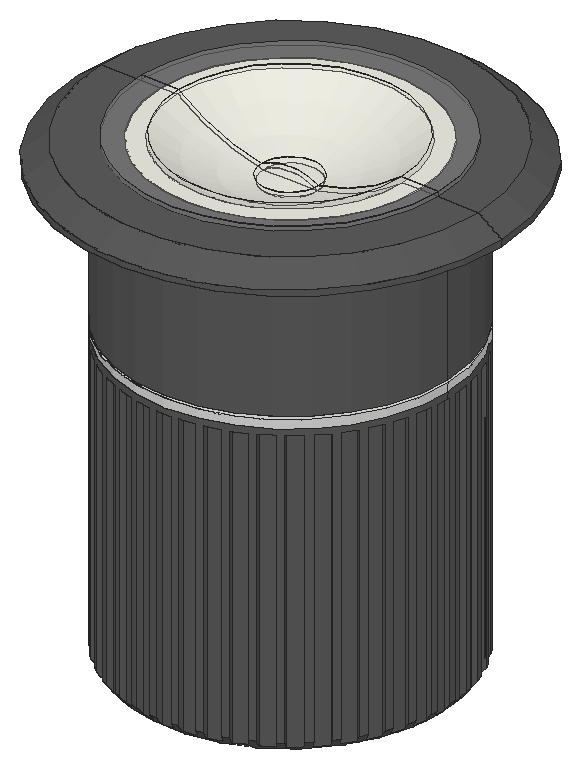
Revit family "STH7707_30", category Luminárias, Revit 2023 (continued)
Automatic sketch dimensions
  Extrusion 4 sketch curve to Extrusion 4 sketch curve = 0.000245 m
  Extrusion 4 sketch curve to Extrusion 4 sketch curve = 0.000246 m
  Extrusion 4 sketch curve to Extrusion 4 sketch curve = 0.000362 m
  Extrusion 4 sketch curve to Extrusion 4 sketch curve = 0.000359 m
  Extrusion 4 sketch curve to Extrusion 4 sketch curve = 0.000423 m  (x2)
  Extrusion 4 sketch curve to Extrusion 4 sketch curve = 0.000082 m
  Extrusion 4 sketch curve to Extrusion 4 sketch curve = 0.000083 m
  Extrusion 4 sketch curve to Extrusion 4 sketch curve = 0.001392 m
  Extrusion 4 sketch curve to Extrusion 4 sketch curve = 0.001394 m
  Extrusion 4 sketch curve to Extrusion 4 sketch curve = 0.000257 m  (x2)
  Extrusion 4 sketch curve to Extrusion 4 sketch curve = 0.001424 m
  Extrusion 4 sketch curve to Extrusion 4 sketch curve = 0.000087 m
  Extrusion 4 sketch curve to Extrusion 4 sketch curve = 0.000086 m
  Extrusion 4 sketch curve to Extrusion 4 sketch curve = 0.002514 m  (x2)
  Extrusion 4 sketch curve to Extrusion 4 sketch curve = 0.000412 m
  Extrusion 4 sketch curve to Extrusion 4 sketch curve = 0.001122 m
  Extrusion 4 sketch curve to Extrusion 4 sketch curve = 0.001123 m
  Extrusion 4 sketch curve to Extrusion 4 sketch curve = 0.001175 m
  Extrusion 4 sketch curve to Extrusion 4 sketch curve = 0.002402 m  (x2)
  Extrusion 4 sketch curve to Extrusion 4 sketch curve = 0.000604 m
  Extrusion 4 sketch curve to Extrusion 4 sketch curve = 0.000599 m
  Extrusion 4 sketch curve to Extrusion 4 sketch curve = 0.00106 m
  Extrusion 4 sketch curve to Extrusion 4 sketch curve = 0.001061 m
  Extrusion 4 sketch curve to Extrusion 4 sketch curve = 0.00111 m
  Extrusion 4 sketch curve to Extrusion 4 sketch curve = 0.001112 m
  Extrusion 4 sketch curve to Extrusion 4 sketch curve = 0.002244 m  (x2)
  Extrusion 4 sketch curve to Extrusion 4 sketch curve = 0.000773 m
  Extrusion 4 sketch curve to Extrusion 4 sketch curve = 0.000978 m
  Extrusion 4 sketch curve to Extrusion 4 sketch curve = 0.000979 m
  Extrusion 4 sketch curve to Extrusion 4 sketch curve = 0.001026 m
  Extrusion 4 sketch curve to Extrusion 4 sketch curve = 0.002042 m  (x2)
  Extrusion 4 sketch curve to Extrusion 4 sketch curve = 0.000877 m  (x2)
  Extrusion 4 sketch curve to Extrusion 4 sketch curve = 0.000933 m
  Extrusion 4 sketch curve to Extrusion 4 sketch curve = 0.000918 m
  Extrusion 4 sketch curve to Extrusion 4 sketch curve = 0.000919 m
  Extrusion 4 sketch curve to Extrusion 4 sketch curve = 0.0018 m  (x2)
  Extrusion 4 sketch curve to Extrusion 4 sketch curve = 0.000759 m
  Extrusion 4 sketch curve to Extrusion 4 sketch curve = 0.000758 m
  Extrusion 4 sketch curve to Extrusion 4 sketch curve = 0.001075 m
  Extrusion 4 sketch curve to Extrusion 4 sketch curve = 0.000795 m  (x2)
  Extrusion 4 sketch curve to Extrusion 4 sketch curve = 0.001523 m  (x2)
  Extrusion 4 sketch curve to Extrusion 4 sketch curve = 0.000626 m
  Extrusion 4 sketch curve to Extrusion 4 sketch curve = 0.000625 m
  Extrusion 4 sketch curve to Extrusion 4 sketch curve = 0.001196 m
  Extrusion 4 sketch curve to Extrusion 4 sketch curve = 0.001217 m
  Extrusion 4 sketch curve to Extrusion 4 sketch curve = 0.001216 m
  Extrusion 4 sketch curve to Extrusion 4 sketch curve = 0.000655 m  (x2)
  Extrusion 4 sketch curve to Extrusion 4 sketch curve = 0.000481 m
  Extrusion 4 sketch curve to Extrusion 4 sketch curve = 0.000479 m
  Extrusion 4 sketch curve to Extrusion 4 sketch curve = 0.001293 m
  Extrusion 4 sketch curve to Extrusion 4 sketch curve = 0.000886 m  (x2)
  Extrusion 4 sketch curve to Extrusion 4 sketch curve = 0.000326 m
  Extrusion 4 sketch curve to Extrusion 4 sketch curve = 0.000324 m
  Extrusion 4 sketch curve to Extrusion 4 sketch curve = 0.000503 m  (x2)
  Extrusion 4 sketch curve to Extrusion 4 sketch curve = 0.000539 m
  Extrusion 4 sketch curve to Extrusion 4 sketch curve = 0.000538 m
  Extrusion 4 sketch curve to Extrusion 4 sketch curve = 0.000165 m
  Extrusion 4 sketch curve to Extrusion 4 sketch curve = 0.000163 m
  Extrusion 4 sketch curve to Extrusion 4 sketch curve = 0.000181 m
  Extrusion 4 sketch curve to Extrusion 4 sketch curve = 0.000001 m  (x2)
  Extrusion 4 sketch curve to Extrusion 4 sketch curve = 0.001366 m
  Extrusion 4 sketch curve to Extrusion 4 sketch curve = 0.000341 m
  Extrusion 4 sketch curve to Extrusion 4 sketch curve = 0.00034 m
  Extrusion 4 sketch curve to Extrusion 4 sketch curve = 0.001411 m
  Extrusion 4 sketch curve to Extrusion 4 sketch curve = 0.000173 m
  Extrusion 4 sketch curve to Extrusion 4 sketch curve = 0.000171 m
  Revolve 1 sketch curve to plane 3 "Centro (Esquerda/Direita)" = 0 m  (x2)
  Revolve 1 sketch curve to plane 8 = 0 m
  Revolve 1 sketch curve to plane 9 "Inferior" = 0 m
  Revolve 1 sketch curve to level = 0 m
  Revolve 1 sketch curve to plane 8 = 0.0008 m
  Revolve 1 sketch curve to plane 7 = 0.016 m
  Revolve 1 sketch curve to plane 7 = 0.014751 m
  Revolve 1 sketch curve to Revolve 1 sketch curve = 0.0035 m
  Revolve 1 sketch curve to Revolve 1 sketch curve = 0.002493 m
  plane 9 "Inferior" to Revolve 1 sketch curve = 0.001614 m
  Revolve 1 sketch curve to Revolve 1 sketch curve = 0.001259 m
  Revolve 1 sketch curve to plane 7 = 0.0055 m
  Revolve 1 sketch curve to plane 7 = 0.0015 m
  plane 9 "Inferior" to Revolve 1 sketch curve = 0.0025 m
  Revolve 1 sketch curve to level = 0.0265 m
  Revolve 1 sketch curve to Revolve 1 sketch curve = 0.001 m
  Revolve 1 sketch curve to Revolve 1 sketch curve = 0.0102 m
  plane 8 to Revolve 1 sketch curve = 0.001749 m
  Extrusion 2 sketch curve to Extrusion 2 sketch curve = 0 m  (x4)
  plane 1 "Centro (Frente/Trás)" to Extrusion 2 sketch curve = 0 m
  Extrusion 2 sketch curve to plane 3 "Centro (Esquerda/Direita)" = 0 m
  Revolve 7 sketch curve to plane 3 "Centro (Esquerda/Direita)" = 0 m  (x2)
  Revolve 7 sketch curve to plane 9 "Inferior" = 0 m
  Revolve 7 sketch curve to level = 0 m
  Revolve 7 sketch curve to plane 7 = 0.012259 m
  Revolve 7 sketch curve to plane 7 = 0.011 m
  plane 9 "Inferior" to Revolve 7 sketch curve = 0.001614 m
  Revolve 7 sketch curve to Revolve 7 sketch curve = 0.008 m
  plane 8 to Revolve 7 sketch curve = 0.005 m
  Revolve 6 sketch curve to Revolve 6 sketch curve = 0 m  (x4)
  Revolve 6 sketch curve to plane 3 "Centro (Esquerda/Direita)" = 0 m  (x2)
  Revolve 6 sketch curve to plane 8 = 0 m
  Revolve 6 sketch curve to plane 3 "Centro (Esquerda/Direita)" = 0.001016 m
  plane 3 "Centro (Esquerda/Direita)" to Revolve 6 sketch curve = 0.000207 m
  plane 8 to Revolve 6 sketch curve = 0.0008 m
  Revolve 6 sketch curve to Revolve 6 sketch curve = 0.000272 m
  Revolve 6 sketch curve to Revolve 6 sketch curve = 0.006353 m
  Revolve 6 sketch curve to level = 0.000438 m
  Revolve 6 sketch curve to Revolve 6 sketch curve = 0.000382 m
  plane 8 to Revolve 6 sketch curve = 0.001806 m
  Revolve 6 sketch curve to Revolve 6 sketch curve = 0.000842 m
  Revolve 6 sketch curve to Revolve 6 sketch curve = 0.00847 m
  Revolve 6 sketch curve to Revolve 6 sketch curve = 0.000166 m
  Revolve 6 sketch curve to level = 0.002625 m
  Revolve 5 sketch curve to Revolve 5 sketch curve = 0 m  (x2)
  Revolve 5 sketch curve to plane 3 "Centro (Esquerda/Direita)" = 0 m  (x2)
  Revolve 5 sketch curve to plane 8 = 0 m
  Revolve 5 sketch curve to plane 3 "Centro (Esquerda/Direita)" = 0.001779 m
  Revolve 5 sketch curve to Revolve 5 sketch curve = 0.004857 m
  Revolve 5 sketch curve to Revolve 5 sketch curve = 0.000073 m
  Revolve 5 sketch curve to Revolve 5 sketch curve = 0.01519 m
  Revolve 5 sketch curve to Revolve 5 sketch curve = 0.000264 m
  Revolve 5 sketch curve to plane 8 = 0.0008 m
  Revolve 5 sketch curve to Revolve 5 sketch curve = 0.00269 m
  Revolve 5 sketch curve to level = 0.002625 m
  Revolve 5 sketch curve to Revolve 5 sketch curve = 0.002949 m
  plane 8 to Revolve 5 sketch curve = 0.002419 m
  radius of Extrusion 2 sketch curve = 0.028 m
  radius of Extrusion 3 sketch curve = 0.028 m
  radius of Extrusion 2 sketch curve = 0.027 m
Connectors (m)
  electrical at (0, 0, -0.078)
    settings: index 1, voltage 0 V, apparent load 0 VA, apparent load phase1 0 VA, apparent load phase2 0 VA, apparent load phase3 0 VA, power factor 1, load classification "Outro", number of poles 1, system type 31, power factor state 1, is connector primary yes, connector utility no, sub classification motor no, connector description ""
